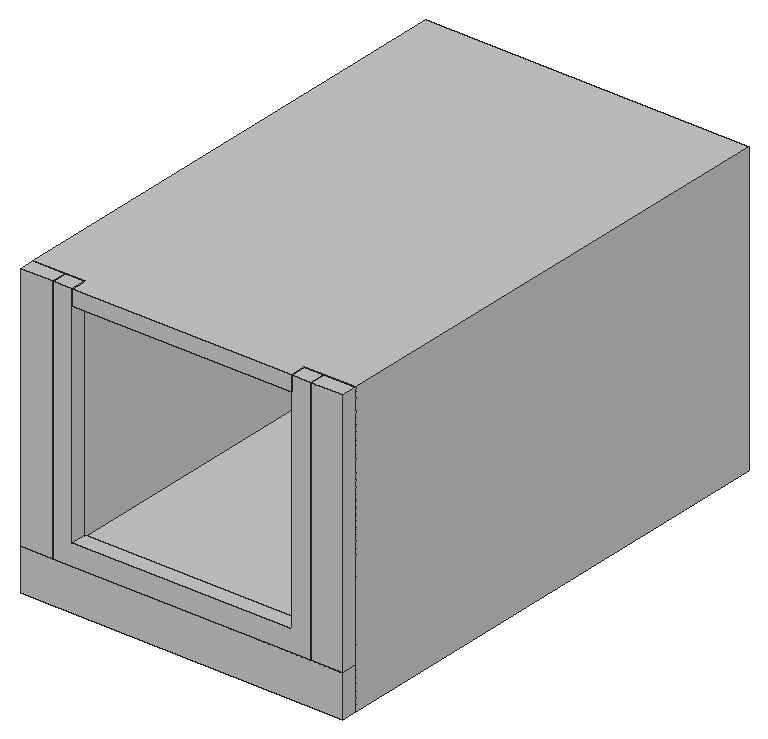
Revit family "QF_ELECTROLUXPROFESSIONAL_588641_MB1NCAEOOO", category Attrezzature speciali, Revit 2020
Family settings
  Quota connettore circolare = Usa diametro
  Tipo di parte = Normale
  Basato su piano di lavoro = No
  Sempre verticale = Sì
  Taglio con vuoti quando caricato = No
  Condiviso = No
  Punto di calcolo locali = No
Parameters (values of type "Standard")
  Weight = 18.00 kg
  Watts = 0 W
  Volts = 0 V
  URL Manufacturer = "https://www.electroluxprofessional.com/"
  URL = "https://www.electroluxprofessional.com/"
  Steam Supply Size = 0"
  Steam Supply Minimum Pressure = 0.00 psi
  Steam Supply Maximum Pressure = 0.00 psi
  Steam Consumption per Hour = 0
  Refrigeration Suction Line Size = 0 mm
  Refrigeration Liquid Line Size = 0 mm
  Refrigerant Compressor Remote = yes
  Prospetto di default = 0 mm
  Phase = 0
  Modello = "MB1NCAEOOO"
  Produttore = "Electrolux Professional"
  Length Actual = 500 mm  # constant formula
  Item Number = "588641"
  Hot Water Size = 0"
  Height Actual = 450 mm  # constant formula
  HP = "0 HP"
  Gas Size = 0"
  Gas KW = 0
  Gas Input Pressure = 0.0 Btu/h
  Direct Waste Size = 0"
  Descrizione = "OPEN BASE,GN,1-SIDE,500X850X450H"
  Depth Actual = 850 mm  # constant formula
  Cycle = 0 Hz
  Condensate Return Size = 0"
  Compressed Air Volume = 0 GPM
  Compressed Air Size = 0"
  Compressed Air Pressure = 0.00 psi
  Cold Water Size = 0"
  Accessory = yes
Reference planes
  plane 1 "BACK": y = 0
  plane 2: z = 0
  plane 3 "LEFT": x = 0
  plane 4 "RIGHT": x = 500
  plane 5 "FRONT": y = -850
  plane 6 "PLAIN": z = 900
  plane 7 "Center (Left/Right)": x = 250
  plane 8 "Center (Front/Back)": y = -425
  plane 9 "TOP": z = 650
  plane 10 "BASE": z = 200
  plane 11: x = 422
  plane 12: x = 78
  plane 13 "Feet_back": y = -150
  plane 14 "Feet_Front": y = -720
  plane 15: x = 50
  plane 16: x = 450
  plane 17: z = 265
  plane 18: y = -45
  plane 19: y = -805
  plane 20: y = -70
  plane 21: y = -830
  plane 22 "ButtonZ": z = 590
Forms (mm)
  Extrusion 1, solid, material "QF_Finishes_Stainless Steel"
    sketch origin (0, 0, 650) x (0, 1, 0) y (0, 0, 1)
      loop
        line (-45, -450) -> (-45, 0) -> (-805, 0) -> (-805, -450) -> (-45, -450)
    from 0 to 500
  Extrusion 2, solid, material "QF_Finishes_Stainless Steel"
    sketch origin (0, 0, 650) x (0, 1, 0) y (0, 0, 1)
      loop
        line (-830, -450) -> (-805, -450) -> (-805, -385) -> (-830, -385) -> (-830, -450)
    from 0 to 500
  Extrusion 3, void
    sketch origin (0, -850, 0) x (1, 0, 0) y (0, 0, 1)
      loop
        line (50, 650) -> (50, 265) -> (450, 265) -> (450, 650) -> (50, 650)
    from 0 to -780
  Extrusion 4, solid, material "QF_Finishes_Stainless Steel"
    sketch origin (0, -850, 0) x (1, 0, 0) y (0, 0, 1)
      loop
        line (80, 650) -> (80, 627) -> (420, 627) -> (420, 650) -> (80, 650)
    from -20 to -805
  Extrusion 5, solid, material "QF_Finishes_Stainless Steel"
    sketch origin (0, -850, 0) x (1, 0, 0) y (0, 0, 1)
      loop
        line (50, 650) -> (50, 265) -> (450, 265) -> (450, 650) -> (420, 650) -> (420, 295) -> (80, 295) -> (80, 650) -> (50, 650)
    from -45 to -780
  Extrusion 6, solid, material "QF_Finishes_Stainless Steel"
    sketch origin (0, -850, 0) x (1, 0, 0) y (0, 0, 1)
      loop
        line (0, 650) -> (0, 265) -> (50, 265) -> (50, 650) -> (0, 650)
    from -20 to -45
  Extrusion 7, solid, material "QF_Finishes_Stainless Steel"
    sketch origin (0, -850, 0) x (1, 0, 0) y (0, 0, 1)
      loop
        line (450, 650) -> (450, 265) -> (500, 265) -> (500, 650) -> (450, 650)
    from -20 to -45
  Extrusion 8, solid, material "QF_Finishes_Stainless Steel"
    sketch origin (85, -850, 0) x (1, 0, 0) y (0, 0, 1)
      loop
        line (-35, 650) -> (-35, 265) -> (365, 265) -> (365, 650) -> (335, 650) -> (335, 297) -> (-5, 297) -> (-5, 650) -> (-35, 650)
    from -20 to -45
Cuts and joins
  Extrusion 3 cuts Extrusion 1
  joined: Extrusion 1, Extrusion 4, Extrusion 5
Lines and regions (mm)
  symbolic lines, style "SpecialityEquipmentHiddenLines"
    curve 1: line (0, 0, 0) -> (500, 0, 0)
    curve 2: line (0, -850, 0) -> (0, 0, 0)
    curve 3: line (500, -850, 0) -> (0, -850, 0)
    curve 4: line (500, 0, 0) -> (500, -850, 0)
Dimensions and locks
  plane 3 "LEFT" to plane 4 "RIGHT" = 500 mm
  plane 5 "FRONT" to plane 1 "BACK" = 850 mm
  equal spacing: plane 3 "LEFT", plane 7 "Center (Left/Right)", plane 4 "RIGHT"
  equal spacing: plane 5 "FRONT", plane 8 "Center (Front/Back)", plane 1 "BACK"
  plane 6 "PLAIN" to plane 9 "TOP" = 250 mm
  plane 10 "BASE" to level = 200 mm
  plane 9 "TOP" to plane 10 "BASE" = 450 mm
  locked: plane 1 "BACK" to plane 13 "Feet_back" at 150
  locked: plane 14 "Feet_Front" to plane 5 "FRONT" at 130
  locked: plane 12 to plane 3 "LEFT" at 78
  locked: plane 11 to plane 4 "RIGHT" at 78
  plane 16 to plane 15 = 400 mm
  equal spacing: plane 16, plane 7 "Center (Left/Right)", plane 15
  locked: plane 17 to plane 10 "BASE" at 65
  locked: plane 1 "BACK" to plane 18 at 45
  plane 9 "TOP" to Extrusion 4 sketch curve = 23 mm
  locked: Extrusion 4 sketch curve to plane 15 at 30
  locked: plane 16 to Extrusion 4 sketch curve at 30
  locked: Extrusion 5 sketch curve to plane 17 at 30
  plane 6 "PLAIN" to level = 900 mm
  Extrusion 5 to Extrusion 5 = 340 mm
  locked: plane 18 to plane 20 at 25
  locked: plane 21 to plane 5 "FRONT" at 20
  locked: plane 19 to plane 21 at 25
  plane 18 to plane 21 = 785 mm
  plane 22 "ButtonZ" to level = 590 mm
  aligned and locked: level to plane 2
  aligned and locked: Extrusion 1 to plane 4 "RIGHT"
  aligned and locked: Extrusion 1 to plane 3 "LEFT"
  aligned and locked: Extrusion 2 to plane 4 "RIGHT"
  aligned and locked: plane 9 "TOP" to Extrusion 3 sketch curve
  aligned and locked: Extrusion 3 sketch curve to plane 15
  aligned and locked: plane 16 to Extrusion 3 sketch curve
  aligned and locked: Extrusion 2 to plane 10 "BASE"
  aligned and locked: Extrusion 2 to plane 17
  aligned and locked: plane 17 to Extrusion 3 sketch curve
  aligned and locked: Extrusion 4 to plane 18
  aligned and locked: Extrusion 5 sketch curve to plane 15
  aligned and locked: plane 16 to Extrusion 5 sketch curve
  aligned and locked: plane 9 "TOP" to Extrusion 5 sketch curve  (x2)
  aligned and locked: plane 17 to Extrusion 5 sketch curve
  aligned and locked: Extrusion 5 sketch curve to Extrusion 4  (x2)
  aligned and locked: Extrusion 6 sketch curve to plane 9 "TOP"
  aligned and locked: plane 3 "LEFT" to Extrusion 6 sketch curve
  aligned and locked: Extrusion 6 sketch curve to plane 17
  aligned and locked: Extrusion 6 sketch curve to plane 15
  aligned and locked: Extrusion 7 sketch curve to plane 9 "TOP"
  aligned and locked: plane 16 to Extrusion 7 sketch curve
  aligned and locked: Extrusion 7 sketch curve to plane 17
  aligned and locked: plane 4 "RIGHT" to Extrusion 7 sketch curve
  aligned and locked: Extrusion 5 to plane 20
  aligned and locked: cut or joined group of Extrusion 1, Extrusion 3, Extrusion 4, Extrusion 5 to plane 20
  aligned and locked: cut or joined group of Extrusion 1, Extrusion 3, Extrusion 4, Extrusion 5 to plane 18
  aligned and locked: Extrusion 6 to plane 19
  aligned and locked: plane 21 to Extrusion 6
  aligned and locked: plane 21 to Extrusion 7
  aligned and locked: Extrusion 7 to plane 19
  aligned and locked: Extrusion 2 to plane 19
  aligned and locked: plane 21 to Extrusion 2
  aligned and locked: plane 19 to cut or joined group of Extrusion 1, Extrusion 3, Extrusion 4, Extrusion 5
  aligned and locked: Extrusion 8 sketch curve to plane 16
  aligned and locked: plane 15 to Extrusion 8 sketch curve
  aligned and locked: Extrusion 8 sketch curve to plane 17
  aligned and locked: plane 21 to cut or joined group of Extrusion 1, Extrusion 3, Extrusion 4, Extrusion 5
Automatic sketch dimensions
  curve 3 to plane 3 "LEFT" = 0 mm
  curve 3 to plane 4 "RIGHT" = 0 mm
  plane 5 "FRONT" to curve 3 = 0 mm
  plane 1 "BACK" to curve 2 = 0 mm
  Extrusion 1 sketch curve to plane 10 "BASE" = 0 mm
  plane 19 to Extrusion 1 sketch curve = 0 mm
  Extrusion 1 sketch curve to plane 18 = 0 mm
  Extrusion 1 sketch curve to plane 9 "TOP" = 0 mm
  plane 17 to Extrusion 2 sketch curve = 0 mm
  Extrusion 2 sketch curve to plane 21 = 0 mm
  Extrusion 2 sketch curve to plane 10 "BASE" = 0 mm
  Extrusion 2 sketch curve to plane 19 = 0 mm
  Extrusion 4 sketch curve to plane 9 "TOP" = 0 mm
  Extrusion 8 sketch curve to plane 9 "TOP" = 0 mm  (x2)
  plane 15 to Extrusion 8 sketch curve = 30 mm
  Extrusion 8 sketch curve to plane 16 = 30 mm
  Extrusion 8 sketch curve to plane 17 = 32 mm
